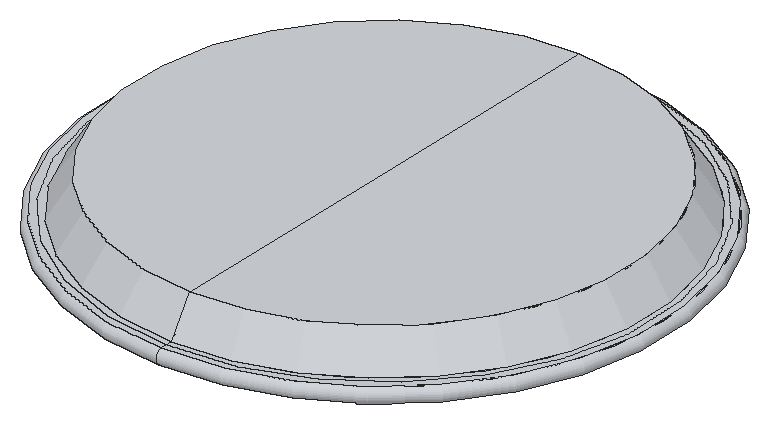
Revit family "2030-17", category Lighting Fixtures, Revit 2016
Family settings
  Part Type = Normal
  Round Connector Dimension = Use Diameter
  OmniClass Number = 23.80.70.00
  OmniClass Title = Lighting
  Work Plane-Based = No
  Always vertical = Yes
  Cut with Voids When Loaded = No
  Light Source = Yes
  Shared = No
  Room Calculation Point = No
Parameters
  Wattage = 12.1178 W
  built-in parameter 1150110 = 1 (stored number, unit not read)
  built-in parameter 1114217 = 1 (stored number, unit not read)
  built-in parameter 1150109 = 1 (stored number, unit not read)
  built-in parameter 1150134 = (empty or 0)
  built-in parameter 1150113 = 1 (stored number, unit not read)
  Lumens = 1800 lm
  built-in parameter 1150115 = 1 (stored number, unit not read)
  built-in parameter 1150105 = 143.24 (stored number, unit not read)
  Light Source Symbol Size = 2' - 0"
  built-in parameter 1150137 = (empty or 0)
  built-in parameter 1150139 = (empty or 0)
  built-in parameter 1150112 = 1 (stored number, unit not read)
  built-in parameter 1150114 = 1 (stored number, unit not read)
  built-in parameter 1150132 = 2
  built-in parameter 1150102 = (empty or 0)
  built-in parameter 1150138 = (empty or 0)
  built-in parameter 1150107 = 3000 (stored number, unit not read)
  built-in parameter 1150106 = 1.4324 (stored number, unit not read)
  built-in parameter 1150104 = 13.8 (stored number, unit not read)
  Dimming Lamp Color Temperature Shift = (empty or 0)
  Color Filter = 16777215
  built-in parameter 1114218 = 1 (stored number, unit not read)
  built-in parameter 1150133 = 10 (stored number, unit not read)
Reference planes (in)
  plane 1 "Light Source Axis (F/B)": y = 0
  plane 2: z = 0
  plane 3 "Light Source Axis (L/R)": x = 0
  plane 4 "Light Source Elevation": z = 54
Forms (in)
  Revolve 1, solid
    sketch origin (0, 0, 0) x (0, 1, 0) y (0, 0, 1)
      loop
        line (7.26342, 0) -> (0, 0) -> (0, -1.4867) -> (8.33112, -1.4867)
        arc (8.33112, -1.4867) -> (8.50025, -1.26075) -> (8.33112, -1.0348) r 0.23549
        line (8.33112, -1.0348) -> (8.13173, -1.0348) -> (7.93543, -1.0348) -> (7.26342, 0)
      axis (0, 0) -> (0, -1.4867)
    angle from 0 to 360
  Revolve 2, solid
    sketch origin (0, 0, 0) x (0, 1, 0) y (0, 0, 1)
      loop
        line (7.35263, -1.4867) -> (0, -1.4867) -> (0, -3)
        arc (0, -3) -> (3.781, -2.75198) -> (7.35263, -1.4867) r 13.82394
      axis (0, -1.4867) -> (0, -3)
    angle from 0 to 360
Dimensions and locks (in)
  aligned and locked: plane 3 "Light Source Axis (L/R)" to imposter light
  aligned and locked: plane 1 "Light Source Axis (F/B)" to imposter light
  aligned and locked: plane 4 "Light Source Elevation" to imposter light
  aligned and locked: level to plane 2
